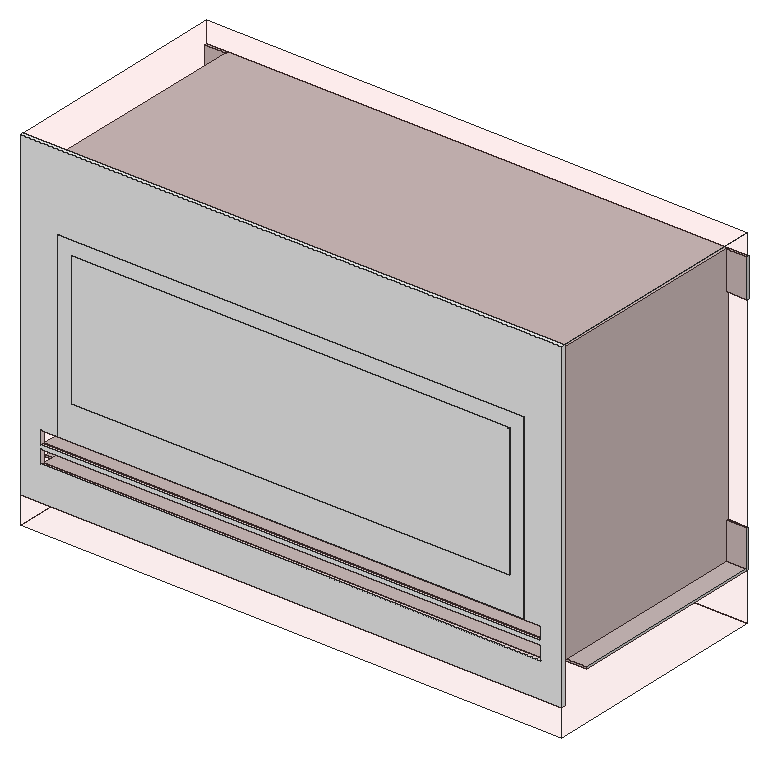
Revit family "Air-Curtain_Customer-Entry_PoweredAire_ECC-E", category Mechanical Equipment, host Face, Revit 2017
Family settings
  Host = Face
  Round Connector Dimension = Use Diameter
  Part Type = Normal
  OmniClass Number = 23.75.35.17.21
  OmniClass Title = Air Curtains
  Cut with Voids When Loaded = No
  Shared = No
  Room Calculation Point = No
Parameters
  Warranty Duration (Years) = 0
  Unit Width Notes = "Other Widths available."  # constant formula
  Unit Width = 3' - 3"
  Unit Weight = 0
  Unit Height = 1' - 4 3/4"
  Unit Depth = 1' - 11 1/4"
  URL = "http://www.poweredaire.com/"
  Test Data = ""
  Temperature Rise_Range = "as Specified"
  Standards Conformance = "as Specified"
  Specification = "http://www.arcat.com/sdspecs/htm04/23_34_33pai.htm"
  SpecWizard = ""
  Sound Pressure = "as Specified"
  Sales Information = "http://www.poweredaire.com/contact_us"
  Revision = "R1_2016-08"
  Projection from Host [instance] = 0' - 2"
  Product Properties = ""
  Product Data = "http://www.arcat.com/arcatcos/cos47/arc47623.html"
  Power Rating = 0 W
  Outlet Volume_Range = "as Specified"
  Outlet Velocity_Range = "as Specified"
  Nozzle Width = if(1 = 1, Unit Width - 0' 3", 0' 0")  # 3' - 0"
  Mounting Width = if(1 = 1, Unit Width - 0' 1 1/2", 0' 0")  # 3' - 1 1/2"
  Mounting Height [instance] = 3' - 6"
  Motor RPM = 0
  Motor HP = 0
  Motor Count = 0
  Model = "As Specified"
  Max Height = 0' - 0"
  Manufacturer Website = "http://www.poweredaire.com/"
  Manufacturer Phone - Toll Free = "888-321-2473"
  Manufacturer Phone = "724-588-3305"
  Manufacturer Fax = "724-588-3371"
  Manufacturer Address = "109 Mortensen Rd.  Greenville, PA 16125"
  Manufacturer = "Powered Aire, Inc"
  Maintenance Schedule (Months) = 0
  Keynote = "23 34 33"
  Installation-Fabrication = ""
  Installation Phase = ""
  Include Clearance [instance] = yes
  Heating Element Load = 0 W
  HVAC_Temperature Rise [instance] = 0 °F
  HVAC_Outlet Volume [instance] = 0 CFM
  HVAC_Outlet Velocity Uniformity = 0
  HVAC_Outlet Velocity [instance] = 0 FPM
  Green Building-LEED = "http://www.arcat.com/green/clients/leed_data_47623.html"
  Front Grating Material [instance] = Metal - Steel - PoweredAire - White Perforated
  Frame Finish [instance] = Metal - Steel - PoweredAire - Stainless 304
  Expected Lifespan (Years) = 0
  Electrical_Wattage [instance] = Power Rating + Heating Element Load  # 0 W
  Electrical_Voltage [instance] = 0 V
  Electrical_Phase [instance] = 1
  Electrical_Frequency [instance] = 0 Hz
  Electrical_Amperage [instance] = 0 A
  Drawn By = "Sumex Design, Inc. / Robert S. Weygant, CSI, CDT, SCIP"
  Description = "Powered Aire Air Curtain as Specified"
  Default Elevation = 0' - 0"  # constant formula
  Cover Finish [instance] = Metal - Steel - PoweredAire - White
  Copyright = "©Arcat Inc."
  Construction Details = "http://www.arcat.com/details/powair/prod3336.html"
  Clearance_Top [instance] = 0' - 0"
  Clearance_Side B [instance] = 0' - 0"
  Clearance_Side A [instance] = 0' - 0"
  Clearance_Intake [instance] = 0' - 0"
  Clearance_Front [instance] = 0' - 0"
  Clearance Material [instance] = ARCAT Clearance
  Building Codes = ""
  Available Options [instance] = "as Specified"
  Assembly Code = "D3090400"
Reference planes (in)
  plane 1 "Center (Elevation)": y = 8.51318
  plane 2: z = 0
  plane 3 "Center (Left/Right)": x = 0
  plane 4: y = 16.88818
  plane 5: y = 0.13818
  plane 6: x = -19.5
  plane 7: x = 19.5
  plane 8: z = 25.25
  plane 9 "FF": y = -41.86182
  plane 10: z = 2
  plane 11: x = 18
  plane 12: x = -18
  plane 13: y = 16.88818
  plane 14: y = 0.13818
  plane 15: x = -19.5
  plane 16: x = 19.5
  plane 17: z = 25.25
  plane 18: y = 0.38818
Forms (in)
  Extrusion 1, solid, material "ARCAT Clearance" <- "Clearance Material", visible <- "Include Clearance"
    sketch origin (0, 0, 0) x (0, 1, 0) y (0, 0, 1)
      loop
        line (0.13818, 25.25) -> (0.13818, 0) -> (16.88818, 0) -> (16.88818, 25.25) -> (0.13818, 25.25)
    from -19.5 to 19.5
  Extrusion 2, solid, material "Metal - Steel - PoweredAire - White" <- "Cover Finish"
    sketch origin (0, 8.51318, 0) x (1, 0, 0) y (0, 0, 1)
      loop
        line (-19.5, 25.25) -> (-19.5, 2) -> (19.5, 2) -> (19.5, 25.25) -> (-19.5, 25.25)
    from 8.125 to 8.375
  Extrusion 3, solid, material "Metal - Steel - PoweredAire - Stainless 304" <- "Frame Finish"
    sketch origin (0, 8.51318, 0) x (1, 0, 0) y (0, 0, 1)
      loop
        line (18, 23.75) -> (-18, 23.75) -> (-18, 3.5) -> (18, 3.5) -> (18, 23.75)
    from -8.375 to 8.125
  Extrusion 4, void
    sketch origin (0, 0, 0) x (0, 1, 0) y (0, 0, 1)
      loop
        line (0.13818, 5.5) -> (0.13818, 4.5) -> (1.88818, 4.5) -> (1.88818, 6.75) -> (0.13818, 6.75) -> (0.13818, 5.75) -> (1.63818, 5.75) -> (1.63818, 5.5) -> (0.13818, 5.5)
    from -18 to 18
  Extrusion 5, solid, material "Metal - Steel - PoweredAire - White" <- "Cover Finish"
    sketch origin (-11.83813, 0.13818, 48) x (-1, 0, 0) y (0, 0, 1)
      loop
        line (4.91187, -41.25) -> (4.91187, -28.25) -> (-28.58813, -28.25) -> (-28.58813, -41.25) -> (4.91187, -41.25)
    from 0 to -0.03125
  Extrusion 6, solid, material "Metal - Steel - PoweredAire - White Perforated" <- "Front Grating Material"
    sketch origin (-11.83813, 0.10693, 48) x (1, 0, 0) y (0, 0, 1)
      loop
        line (-3.91187, -29.25) -> (-3.91187, -38.75) -> (27.58813, -38.75) -> (27.58813, -29.25) -> (-3.91187, -29.25)
    from 0 to 0.03125
  Extrusion 7, solid, material "Metal - Steel - PoweredAire - Stainless 304" <- "Frame Finish"
    sketch origin (-15.17702, -180, 2) x (-1, 0, 0) y (0, -1, 0)
      loop
        line (-33.17702, -196.88818) -> (-33.17702, -182.38818) -> (-34.67702, -182.38818) -> (-34.67702, -196.88818) -> (-33.17702, -196.88818)
      loop
        line (2.82298, -196.88818) -> (4.32298, -196.88818) -> (4.32298, -182.38818) -> (2.82298, -182.38818) -> (2.82298, -196.88818)
    from 1.5 to 1.625
  Extrusion 8, solid, material "Metal - Steel - PoweredAire - Stainless 304" <- "Frame Finish"
    sketch origin (-11.83813, 16.88818, 48) x (-1, 0, 0) y (0, 0, 1)
      loop
        line (7.66187, -44.5) -> (7.66187, -41.75) -> (6.16187, -41.75) -> (6.16187, -44.5) -> (7.66187, -44.5)
      loop
        line (-31.33813, -44.5) -> (-29.83813, -44.5) -> (-29.83813, -41.75) -> (-31.33813, -41.75) -> (-31.33813, -44.5)
      loop
        line (7.66187, -27) -> (7.66187, -24.25) -> (6.16187, -24.25) -> (6.16187, -27) -> (7.66187, -27)
      loop
        line (-31.33813, -27) -> (-29.83813, -27) -> (-29.83813, -24.25) -> (-31.33813, -24.25) -> (-31.33813, -27)
    from 0 to -0.125
Cuts and joins
  Extrusion 4 cuts Extrusion 2
  Extrusion 4 cuts Extrusion 3
Dimensions and locks (in)
  equal spacing: plane 4, plane 1 "Center (Elevation)", plane 5
  "Unit Height": plane 4 to plane 5
  equal spacing: plane 6, plane 3 "Center (Left/Right)", plane 7
  "Unit Width": plane 6 to plane 7
  "Mounting Height": plane 5 to plane 9 "FF"
  "Projection from Host": plane 10 to level
  "Unit Depth": plane 8 to plane 10
  locked: plane 6 to plane 12 at 1.5
  locked: plane 11 to plane 7 at 1.5
  "Clearance_Side A": plane 7 to plane 16
  "Clearance_Side B": plane 15 to plane 6
  "Clearance_Top": plane 13 to plane 4
  "Clearance_Intake": plane 5 to plane 14
  "Clearance_Front": plane 17 to plane 8
  locked: plane 8 to Extrusion 3 sketch curve at 1.5
  locked: Extrusion 3 sketch curve to plane 10 at 1.5
  locked: plane 7 to Extrusion 3 sketch curve at 1.5
  locked: Extrusion 3 sketch curve to plane 6 at 1.5
  locked: plane 18 to plane 5 at 0.25
  Extrusion 4 sketch curve to Extrusion 4 sketch curve to Extrusion 4 sketch curve to Extrusion 4 sketch curve to plane 10 = 0' - 1" locked, 0' - 0 1/4" locked, 0' - 1" locked, 0' - 2 1/2" locked
  Extrusion 5 sketch curve to Extrusion 5 sketch curve to plane 10 = 1' - 1" locked, 0' - 4 3/4" locked
  locked: plane 11 to Extrusion 5 sketch curve at 1.25
  locked: Extrusion 5 sketch curve to plane 12 at 1.25
  Extrusion 6 sketch curve to Extrusion 6 sketch curve to plane 10 = 0' - 9 1/2" locked, 0' - 7 1/4" locked
  locked: Extrusion 6 sketch curve to plane 12 at 2.25
  locked: plane 11 to Extrusion 6 sketch curve at 2.25
  locked: plane 4 to Extrusion 7 sketch curve at 14.5  (x2)
  Extrusion 8 sketch curve to Extrusion 8 sketch curve to Extrusion 8 sketch curve to Extrusion 8 sketch curve to plane 10 = 0' - 2 3/4" locked, 1' - 2 3/4" locked, 0' - 2 3/4" locked, 0' - 1 1/2" locked  (x2)
  aligned and locked: plane 2 to host face
  aligned and locked: level to host face
  aligned and locked: Extrusion 1 sketch curve to plane 17
  aligned and locked: plane 14 to Extrusion 1 sketch curve
  aligned and locked: level to Extrusion 1 sketch curve
  aligned and locked: Extrusion 1 sketch curve to plane 13
  aligned and locked: plane 16 to Extrusion 1
  aligned and locked: Extrusion 1 to plane 15
  aligned and locked: Extrusion 2 sketch curve to plane 8
  aligned and locked: plane 6 to Extrusion 2 sketch curve
  aligned and locked: Extrusion 2 sketch curve to plane 10
  aligned and locked: Extrusion 2 sketch curve to plane 7
  aligned and locked: Extrusion 3 to plane 4
  aligned and locked: Extrusion 3 to plane 18
  aligned and locked: Extrusion 2 to plane 18
  aligned and locked: Extrusion 2 to plane 5
  aligned and locked: plane 11 to Extrusion 4
  aligned and locked: Extrusion 4 to plane 12
  aligned and locked: Extrusion 7 sketch curve to plane 4  (x2)
Automatic sketch dimensions
  host sketch curve to host sketch curve = 8' - 0"  (x2)
  Extrusion 4 sketch curve to plane 5 = 0' - 0"  (x2)
  plane 18 to Extrusion 4 sketch curve = 0' - 1 1/4"
  Extrusion 4 sketch curve to Extrusion 4 sketch curve = 0' - 0 1/4"
  Extrusion 7 sketch curve to plane 7 = 0' - 0"
  Extrusion 7 sketch curve to plane 11 = 0' - 0"
  Extrusion 7 sketch curve to plane 12 = 0' - 0"
  Extrusion 7 sketch curve to plane 6 = 0' - 0"
  Extrusion 8 sketch curve to plane 7 = 0' - 0"  (x2)
  Extrusion 8 sketch curve to plane 11 = 0' - 0"  (x2)
  Extrusion 8 sketch curve to plane 12 = 0' - 0"  (x2)
  Extrusion 8 sketch curve to plane 6 = 0' - 0"  (x2)
Connectors (in)
  electrical at (-18, 4.88818, 9.625), driven by "Electrical_Voltage", driven by "Electrical_Phase"
    settings: on cut or joined group of Extrusion 3, Extrusion 4, index 1, voltage 0 V, apparent load 0 VA, apparent load phase1 0 VA, apparent load phase2 0 VA, apparent load phase3 0 VA, power factor 1, load classification "Other", number of poles 1, system type 31, power factor state 1, is connector primary yes, connector utility no, sub classification motor no, connector description ""
